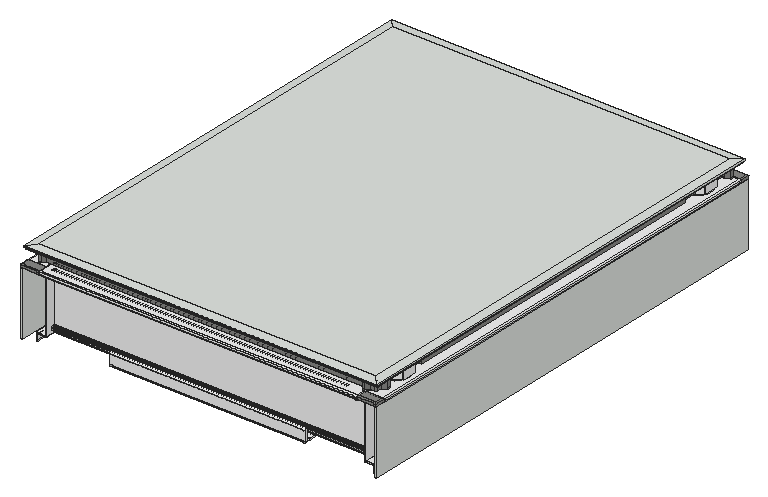
Revit family "Furniture-Mirror_Cabinet-KOHLER-Elosis-K-15031T", category Casework, host Face, Revit 2021 (continued)
Definition of nested family "K-15031T"
  Lines and regions (in)
    symbolic lines, detail levels medium+fine
      curve 39: line (0, 12.04629, 4.04724) -> (0, 12.04629, 4.6122)
      curve 40: line (0, 12.84353, 4.6122) -> (0, 12.08566, 4.6122)
      curve 41: line (0, 12.11518, 4.58268) -> (0, 12.08566, 4.6122)
      curve 42: line (0, 12.01676, 4.58268) -> (0, 12.04629, 4.6122)
      curve 43: arc (0, 12.11518, 4.0773) -> (0, 12.10657, 4.05623) -> (0, 12.08566, 4.04724) r 0.03006
      curve 44: arc (0, 12.01676, 4.0773) -> (0, 12.02537, 4.05623) -> (0, 12.04629, 4.04724) r 0.03006
      curve 45: line (0, -12.42905, 4.0773) -> (0, 12.01676, 4.0773)
      curve 46: line (0, 11.98635, 4.04724) -> (0, -11.96858, 4.04724)
      curve 47: line (0, 11.93557, 3.90945) -> (0, -11.9178, 3.90945)
      curve 48: line (0, -13.06198, 3.85039) -> (0, 13.07975, 3.85039)
      curve 49: line (0, 13.04088, 3.7126) -> (0, 12.99708, 3.7126)
      curve 50: line (0, 12.97137, 3.72835) -> (0, 13.07636, 3.72835)
      curve 51: line (0, 12.56794, 3.90945) -> (0, 12.56794, 3.7126)
      curve 52: line (0, -12.57745, 3.7126) -> (0, 12.59522, 3.7126)
      curve 53: line (0, 13.04088, 3.69291) -> (0, -13.02312, 3.69291)
      curve 54: line (0, -12.55017, 3.72441) -> (0, 12.56794, 3.72441)
      curve 55: line (0, 12.3514, 4.04724) -> (0, 12.3514, 4.58268)
      curve 56: line (0, 11.72148, 3.90945) -> (0, 11.72148, 4.04724)
      curve 57: line (0, 13.04088, 0.14961) -> (0, -13.02312, 0.14961)
      curve 58: line (0, 13.04088, 0.12992) -> (0, -12.55017, 0.12981)
      curve 59: line (0, 12.56794, 0) -> (0, 12.56794, 0.12992)
      curve 60: line (0, 13.04088, 0.59632) -> (0, 13.04088, 0.12992)
      curve 61: line (0, 12.63282, 0.01969) -> (0, 12.56794, 0.01969)
      curve 62: line (0, -12.55017, 0.02362) -> (0, 12.56794, 0.02362)
      curve 63: line (0, -12.09742, 4.58268) -> (0, -12.79623, 4.58268)
      curve 64: line (0, -12.09742, 4.58268) -> (0, -12.09742, 4.0773)
      curve 65: line (0, -12, 4.58369) -> (0, -12, 4.0773)
      curve 66: line (0, -12.02852, 4.14101) -> (0, -12.06789, 4.14101)
      curve 67: arc (0, -12.06789, 4.14101) -> (0, -12.08841, 4.1493) -> (0, -12.09742, 4.16953) r 0.02955
      curve 68: arc (0, -12, 4.16284) -> (0, -12.01056, 4.14709) -> (0, -12.02852, 4.14101) r 0.02955
      curve 69: line (0, -12.09742, 4.19805) -> (0, -12, 4.19805)
      curve 70: line (0, -12.43105, 4.58268) -> (0, -12.43105, 4.07677)
      curve 71: arc (0, -12.43105, 4.07677) -> (0, -12.42558, 4.05894) -> (0, -12.41104, 4.04724) r 0.03179
      curve 72: line (0, -12.09742, 4.0773) -> (0, -12.433, 4.0773)
      curve 73: line (0, -12.79623, 4.19805) -> (0, -12.79623, 4.58268)
      curve 74: line (0, -12.77056, 4.16878) -> (0, -12.433, 4.0773)
      curve 75: arc (0, -12.77056, 4.16878) -> (0, -12.78891, 4.17858) -> (0, -12.79623, 4.19805) r 0.02953
      curve 76: line (0, -12.06789, 4.6122) -> (0, -12.06789, 4.04724)
      curve 77: line (0, -12.02852, 4.04728) -> (0, -12.02852, 4.6122)
      curve 78: line (0, -12.09742, 4.58268) -> (0, -12.06789, 4.6122)
      curve 79: line (0, -12, 4.58369) -> (0, -12.02852, 4.6122)
      curve 80: arc (0, -12.09742, 4.0773) -> (0, -12.0888, 4.05623) -> (0, -12.06789, 4.04724) r 0.03006
      curve 81: arc (0, -12, 4.0773) -> (0, -12.00826, 4.0566) -> (0, -12.02852, 4.04728) r 0.03006
      curve 82: line (0, -13.02312, 3.7126) -> (0, -12.9783, 3.7126)
      curve 83: line (0, -12.95259, 3.72835) -> (0, -13.05859, 3.72835)
      curve 84: line (0, -12.55017, 3.90945) -> (0, -12.55017, 3.7126)
      curve 85: line (0, -12.33263, 4.04724) -> (0, -12.33263, 4.58268)
      curve 86: line (0, -11.70271, 3.90945) -> (0, -11.70271, 4.04724)
      curve 87: arc (0, -12.79623, 4.58268) -> (0, -12.81711, 4.59133) -> (0, -12.82576, 4.6122) r 0.02952
      curve 88: line (0, -12, 4.58268) -> (0, 12.01676, 4.58268)
      curve 89: line (0, -12.06789, 4.6122) -> (0, -12.82576, 4.6122)
      curve 90: line (0, 12.04629, 4.6122) -> (0, -12.02852, 4.6122)
      curve 91: line (-9.09449, 0, 4.6122) -> (-9.09449, 0, 4.04724)
      curve 92: line (9.09449, 0, 4.6122) -> (-9.09449, 0, 4.6122)
      curve 93: line (-9.13386, 0, 4.04724) -> (-9.13386, 0, 4.6122)
      curve 94: line (-9.16339, 0, 4.0773) -> (-9.16339, 0, 4.58268)
      curve 95: line (-9.8622, 0, 4.58268) -> (-9.16339, 0, 4.58268)
      curve 96: line (-9.06496, 0, 4.0773) -> (-9.06496, 0, 4.58268)
      curve 97: line (-9.06496, 0, 4.58268) -> (9.06496, 0, 4.58268)
      curve 98: line (-9.13386, 0, 4.6122) -> (-9.89173, 0, 4.6122)
      curve 99: arc (-9.09449, 0, 4.04724) -> (-9.07358, 0, 4.05624) -> (-9.06496, 0, 4.0773) r 0.03006
      curve 100: arc (-9.13386, 0, 4.04724) -> (-9.15477, 0, 4.05623) -> (-9.16339, 0, 4.0773) r 0.03006
      curve 101: line (-9.13386, 0, 4.14101) -> (-9.09449, 0, 4.14101)
      curve 102: arc (-9.09449, 0, 4.14101) -> (-9.07396, 0, 4.1493) -> (-9.06496, 0, 4.16953) r 0.02955
      curve 103: arc (-9.16339, 0, 4.175) -> (-9.15637, 0, 4.15127) -> (-9.13386, 0, 4.14101) r 0.02982
      curve 104: line (-9.06496, 0, 4.19805) -> (-9.16339, 0, 4.19805)
      curve 105: arc (-9.89173, 0, 4.6122) -> (-9.88308, 0, 4.59133) -> (-9.8622, 0, 4.58268) r 0.02953
      curve 106: line (-9.94094, 0, 4.76772) -> (9.94094, 0, 4.76772)
      curve 107: line (9.94094, 0, 4.68898) -> (-9.89173, 0, 4.68898)
      curve 108: line (-9.49803, 0, 4.0773) -> (-9.84032, 0, 4.16953)
      curve 109: line (-9.8622, 0, 4.58268) -> (-9.8622, 0, 4.19805)
      curve 110: arc (-9.8622, 0, 4.19805) -> (-9.8561, 0, 4.18008) -> (-9.84032, 0, 4.16953) r 0.02953
      curve 111: line (-9.39961, 0, 4.58268) -> (-9.39961, 0, 4.04724)
      curve 112: line (-9.49803, 0, 4.0773) -> (-9.49803, 0, 4.58268)
      curve 113: arc (-9.47861, 0, 4.04724) -> (-9.49275, 0, 4.05941) -> (-9.49803, 0, 4.0773) r 0.03296
      curve 114: line (-9.06496, 0, 4.0773) -> (9.06496, 0, 4.0773)
      curve 115: line (-9.49528, 0, 4.07656) -> (-9.16338, 0, 4.0773)
      curve 116: line (6.58465, 0, 4.01772) -> (-8.94685, 0, 4.01772)
      curve 117: line (6.58465, 0, 3.93898) -> (-8.94685, 0, 3.93898)
      curve 118: line (-8.71063, 0, 3.90945) -> (-8.71063, 0, 4.04724)
      curve 119: line (10, 0, 3.85039) -> (-10, 0, 3.85039)
      curve 120: line (-8.93701, 0, 0.24803) -> (-8.93701, 0, 3.90945)
      curve 121: line (6.6126, 0, 4.04724) -> (-8.97695, 0, 4.04724)
      curve 122: line (-8.91889, 0, 3.90945) -> (6.55512, 0, 3.90945)
      curve 123: line (9.13386, 0, 3.90945) -> (8.88027, 0, 3.90945)
      curve 124: line (8.41535, 0, 4.04724) -> (9.18401, 0, 4.04724)
      curve 125: line (9.11165, 0, 4.02756) -> (9.1558, 0, 4.02756)
      curve 126: arc (9.1558, 0, 4.02756) -> (9.173, 0, 4.03297) -> (9.18401, 0, 4.04724) r 0.03005
      curve 127: line (9.15535, 0, 3.9685) -> (9.01495, 0, 3.9685)
      curve 128: line (9.16339, 0, 4.58268) -> (9.16339, 0, 4.07731)
      curve 129: line (9.06496, 0, 4.58268) -> (9.06496, 0, 4.0773)
      curve 130: line (9.13386, 0, 4.04724) -> (9.13386, 0, 4.6122)
      curve 131: line (9.09449, 0, 4.04724) -> (9.09449, 0, 4.6122)
      curve 132: line (9.13386, 0, 4.6122) -> (9.89173, 0, 4.6122)
      curve 133: line (9.09449, 0, 4.14101) -> (9.13386, 0, 4.14101)
      curve 134: arc (9.06496, 0, 4.16953) -> (9.07396, 0, 4.1493) -> (9.09449, 0, 4.14101) r 0.02955
      curve 135: arc (9.13386, 0, 4.14101) -> (9.15438, 0, 4.1493) -> (9.16339, 0, 4.16953) r 0.02955
      curve 136: arc (9.16339, 0, 4.07731) -> (9.15477, 0, 4.05624) -> (9.13386, 0, 4.04724) r 0.03007
      curve 137: arc (9.06496, 0, 4.0773) -> (9.07358, 0, 4.05623) -> (9.09449, 0, 4.04724) r 0.03006
      curve 138: line (9.49803, 0, 4.58268) -> (9.49803, 0, 4.07677)
      curve 139: line (9.39961, 0, 4.04724) -> (9.39961, 0, 4.58268)
      curve 140: arc (9.49803, 0, 4.07677) -> (9.48938, 0, 4.05589) -> (9.4685, 0, 4.04724) r 0.02953
      curve 141: line (9.8622, 0, 4.19805) -> (9.8622, 0, 4.58268)
      curve 142: line (9.49805, 0, 4.07731) -> (9.84032, 0, 4.16953)
      curve 143: arc (9.84032, 0, 4.16953) -> (9.8561, 0, 4.18008) -> (9.8622, 0, 4.19805) r 0.02953
      curve 144: line (9.16339, 0, 4.58268) -> (9.8622, 0, 4.58268)
      curve 145: arc (9.8622, 0, 4.58268) -> (9.88308, 0, 4.59133) -> (9.89173, 0, 4.6122) r 0.02953
      curve 146: line (9.16339, 0, 4.58268) -> (9.13386, 0, 4.6122)
      curve 147: line (9.06496, 0, 4.58268) -> (9.09449, 0, 4.6122)
      curve 148: line (9.16339, 0, 4.07731) -> (9.49805, 0, 4.07731)
      curve 149: line (9.90555, 0, 3.72835) -> (9.9995, 0, 3.72835)
      curve 150: line (9.97976, 0, 3.7126) -> (9.93368, 0, 3.7125)
      curve 151: line (-9.96491, 0, 3.71268) -> (-9.93358, 0, 3.71268)
      curve 152: line (8.93701, 0, 3.90945) -> (8.93701, 0, 0.24803)
      curve 153: line (8.98425, 0, 0.57087) -> (8.98425, 0, 0.24803)
      curve 154: line (9.06299, 0, 0.24803) -> (9.06299, 0, 0.41339)
      curve 155: line (9.06299, 0, 0.36614) -> (9.42913, 0, 0.36614)
      curve 156: line (9.34252, 0, 3.27953) -> (9.34252, 0, 0.52362)
      curve 157: line (9.32809, 0, 0.52362) -> (9.32809, 0, 3.27953)
      curve 158: line (9.14215, 0, 0.52362) -> (9.14215, 0, 3.27953)
      curve 159: line (9.11811, 0, 0.97465) -> (9.11811, 0, 0.78135)
      curve 160: line (9, 0, 0.97465) -> (9, 0, 0.78135)
      curve 161: line (-8.93701, 0, 0.68898) -> (8.93701, 0, 0.68898)
      curve 162: line (8.93701, 0, 0.61024) -> (-8.93701, 0, 0.61024)
      curve 163: line (-8.98425, 0, 0.36614) -> (-7.88189, 0, 0.36614)
      curve 164: line (8.93701, 0, 0.37795) -> (7.88189, 0, 0.37795)
      curve 165: line (8.93701, 0, 0.19291) -> (7.88189, 0, 0.19291)
      curve 166: line (8.93701, 0, 0.77217) -> (-8.93701, 0, 0.77217)
      curve 167: line (8.93701, 0, 0.52721) -> (7.88189, 0, 0.52721)
      curve 168: line (7.80315, 0, 0.52721) -> (-7.80315, 0, 0.52721)
      curve 169: line (7.80315, 0, 0.19291) -> (-7.80315, 0, 0.19291)
      curve 170: line (7.88189, 0, 0.36614) -> (8.98425, 0, 0.36614)
      curve 171: line (7.80315, 0, 0.37795) -> (-7.80315, 0, 0.37795)
      curve 172: line (7.88189, 0, 0.16926) -> (7.88189, 0, 0.57087)
      curve 173: line (7.88189, 0, 0.57087) -> (7.80315, 0, 0.57087)
      curve 174: line (7.80315, 0, 0.16926) -> (7.80315, 0, 0.57087)
      curve 175: line (5.45669, 0, 0.1063) -> (-5.56693, 0, 0.1063)
      curve 176: line (5.45669, 0, 0.09843) -> (-5.56693, 0, 0.09843)
      curve 177: line (5.45669, 0, 0.09497) -> (-5.56693, 0, 0.09497)
      curve 178: line (5.45669, 0, 0.0507) -> (-5.56693, 0, 0.0507)
      curve 179: line (5.45669, 0, 0.04724) -> (-5.56693, 0, 0.04724)
      curve 180: line (5.45669, 0, 0.03543) -> (-5.56693, 0, 0.03543)
      curve 181: line (5.45669, 0, 0.16926) -> (-5.56693, 0, 0.16926)
      curve 182: line (-8.93701, 0, 3.55512) -> (8.93701, 0, 3.55512)
      curve 183: line (8.93701, 0, 3.47638) -> (-8.93701, 0, 3.47638)
      curve 184: line (8.93701, 0, 3.39396) -> (-8.93701, 0, 3.39396)
      curve 185: line (-8.93701, 0, 3.7126) -> (8.93701, 0, 3.7126)
      curve 186: line (8.93701, 0, 3.72441) -> (-8.93701, 0, 3.72441)
      curve 187: line (8.93701, 0, 3.63792) -> (-8.93701, 0, 3.63792)
      curve 188: line (8.44488, 0, 3.64567) -> (8.73228, 0, 3.64567)
      curve 189: line (8.4252, 0, 3.7126) -> (8.4252, 0, 3.66535)
      curve 190: line (8.75197, 0, 3.66535) -> (8.75197, 0, 3.7126)
      curve 191: arc (8.73228, 0, 3.64567) -> (8.7462, 0, 3.65143) -> (8.75197, 0, 3.66535) r 0.01969
      curve 192: arc (8.4252, 0, 3.66535) -> (8.43096, 0, 3.65143) -> (8.44488, 0, 3.64567) r 0.01969
      curve 193: line (9, 0, 3.14173) -> (9, 0, 3.22835)
      curve 194: line (9, 0, 3.01575) -> (9, 0, 3.14173)
      curve 195: line (9.05512, 0, 3.12205) -> (9, 0, 3.12205)
      curve 196: line (9.05512, 0, 3.06299) -> (9.05512, 0, 3.12205)
      curve 197: line (9, 0, 3.06299) -> (9.05512, 0, 3.06299)
      curve 198: line (9.11811, 0, 3.21854) -> (9.11811, 0, 3.02602)
      curve 199: arc (8.9499, 0, 0.36614) -> (8.94116, 0, 0.36954) -> (8.93701, 0, 0.37795) r 0.01294
      curve 200: line (-8.4252, 0, 3.7126) -> (-8.4252, 0, 3.66535)
      curve 201: line (-8.75197, 0, 3.7126) -> (-8.75197, 0, 3.66535)
      curve 202: line (-8.44488, 0, 3.64567) -> (-8.73228, 0, 3.64567)
      curve 203: arc (-8.73228, 0, 3.64567) -> (-8.7462, 0, 3.65143) -> (-8.75197, 0, 3.66535) r 0.01969
      curve 204: arc (-8.4252, 0, 3.66535) -> (-8.43096, 0, 3.65143) -> (-8.44488, 0, 3.64567) r 0.01969
      curve 205: arc (-8.949, 0, 0.36614) -> (-8.94058, 0, 0.36959) -> (-8.93701, 0, 0.37795) r 0.01199
      curve 206: line (-8.98425, 0, 0.17717) -> (-8.98425, 0, 0.57087)
      curve 207: line (-9.06299, 0, 0.41932) -> (-9.06299, 0, 0.24803)
      curve 208: line (-9.38976, 0, 0.36614) -> (-9.06299, 0, 0.36614)
      curve 209: line (-9.14215, 0, 0.52362) -> (-9.14215, 0, 3.27953)
      curve 210: line (-9.34252, 0, 0.52362) -> (-9.34252, 0, 3.27953)
      curve 211: line (-9.32809, 0, 0.52362) -> (-9.32809, 0, 3.27953)
      curve 212: line (-7.80315, 0, 0.57087) -> (-7.88189, 0, 0.57087)
      curve 213: line (-7.88189, 0, 0.57087) -> (-7.88189, 0, 0.16926)
      curve 214: line (-7.80315, 0, 0.57087) -> (-7.80315, 0, 0.16926)
      curve 215: line (-7.88189, 0, 0.52721) -> (-8.93701, 0, 0.52721)
      curve 216: line (-7.88189, 0, 0.37795) -> (-8.93701, 0, 0.37795)
      curve 217: line (-7.80315, 0, 0.36614) -> (7.80315, 0, 0.36614)
      curve 218: line (-7.88189, 0, 0.19291) -> (-8.93701, 0, 0.19291)
      curve 219: line (-9, 0, 0.97465) -> (-9, 0, 0.78135)
      curve 220: line (-9.11811, 0, 0.97465) -> (-9.11811, 0, 0.78135)
      curve 221: line (-9, 0, 3.21854) -> (-9, 0, 3.02602)
      curve 222: line (-9.11811, 0, 3.21854) -> (-9.11811, 0, 3.02602)
      curve 223: line (-9.90555, 0, 3.72835) -> (-9.9995, 0, 3.72835)
      curve 224: line (-8.98425, 0, 3.72835) -> (-8.93701, 0, 3.72835)
      curve 225: line (8.98428, 0, 3.72835) -> (8.93701, 0, 3.72835)
      curve 226: line (9.81503, 0, 4.13218) -> (9.71843, 0, 4.1063)
      curve 227: line (6.34841, 0, 3.90945) -> (6.34841, 0, 4.04724)
  Dimensions and locks (in)
    plane 6 to plane 5 = 20"
    plane 5 to plane 6 = 20"
    plane 4 to level = 4.80709"
    plane 4 to plane 8 = 0.89764"
    plane 4 to plane 7 = 0.75984"
    aligned and locked: plane 2 to level
